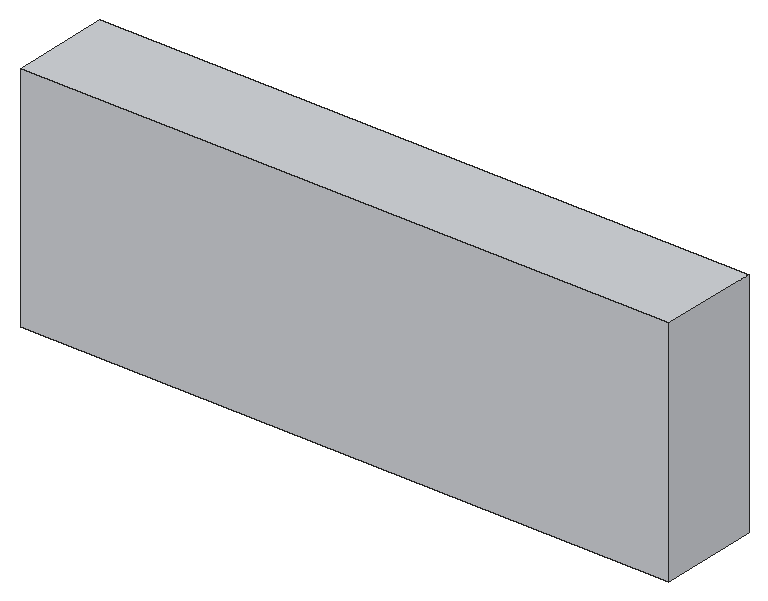
Revit family "Sollbohrzone", category Generic Models, Revit 2021
Family settings
  Can host rebar = No
  Round Connector Dimension = Use Diameter
  Part Type = Normal
  Work Plane-Based = Yes
  Always vertical = Yes
  Cut with Voids When Loaded = No
  Shared = No
  Room Calculation Point = Yes
Parameters
  Default Elevation = 1219.2 mm
  Tiefe [instance] = 107 mm
  Hoehe [instance] = 250 mm
  Breite [instance] = 700 mm
  B_ [instance] = Breite / 2  # 350 mm
Reference planes
  plane 1 "Mitte (Vorne/hinten)": y = 0
  plane 2: z = 0
  plane 3 "Mitte (Links/rechts)": x = 0
  plane 4: x = -350
  plane 5: x = 350
  plane 6: y = 53.5
  plane 7: y = -53.5
Forms (mm)
  Extrusion 1, solid
    sketch origin (0, 0, 0) x (1, 0, 0) y (0, 1, 0)
      loop
        line (-350, 53.5) -> (-350, -53.5) -> (350, -53.5) -> (350, 53.5) -> (-350, 53.5)
    from 0 to 250 <- "Hoehe"
Text (mm)
  text "INNEN" at (-898.768, -385.752, 0), in view "Referenzebene"
Dimensions and locks
  "B_": plane 4 to plane 3 "Mitte (Links/rechts)"
  "Breite": plane 4 to plane 5
  equal spacing: plane 6, plane 1 "Mitte (Vorne/hinten)", plane 7
  "Tiefe": plane 6 to plane 7
  aligned and locked: level to plane 2
  aligned and locked: plane 4 to Extrusion 1 sketch curve
  aligned and locked: Extrusion 1 sketch curve to plane 5
  aligned and locked: Extrusion 1 to plane 7
  aligned and locked: plane 6 to Extrusion 1
Automatic sketch dimensions
  plane 1 "Mitte (Vorne/hinten)" to Extrusion 1 sketch curve = 53.5 mm
  Extrusion 1 sketch curve to plane 6 = 0 mm
